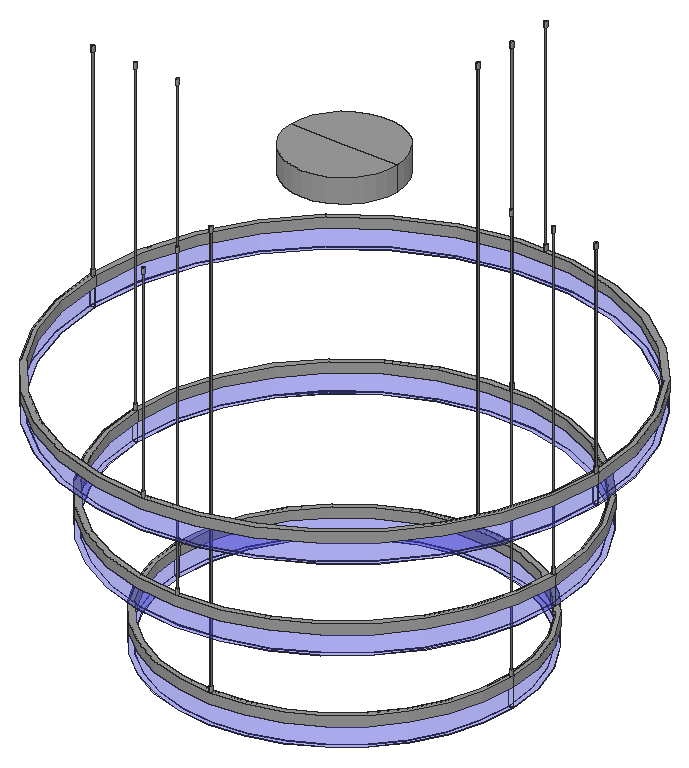
Revit family "Alcon-12272-3-32-40-48-Revit-Family", category Generic Models, host Ceiling, Revit 2025
Family settings
  Host = Ceiling
  Can host rebar = No
  Round Connector Dimension = Use Diameter
  Part Type = Normal
  Always vertical = Yes
  Cut with Voids When Loaded = No
  Maintain Annotation Orientation = No
  Shared = No
  Room Calculation Point = No
Parameters
  URL = "https://www.alconlighting.com/?srsltid=AfmBOooDPhGQ0dEP-X2PMtxFfvvWpIAEL4jCll_O2F4_to5onvhnBomy"
  Product Page = "https://www.alconlighting.com/redondo-12272-2.html"
  Model = "12272-3"
  Manufacturer = "Alcon Lighting"
  Lens = Glass
  Housing = Default
  Default Elevation = 0' - 0"
Reference planes (in)
  plane 1 "Center (Front/Back)": y = 0
  plane 2 "Ceiling": z = 96
  plane 3 "Center (Left/Right)": x = 0
Forms (in)
  Revolve 1, solid, material "Default" <- "Housing"
    sketch origin (0, 0, 0) x (1, 0, 0) y (0, 0, 1)
      loop
        line (0, 96) -> (0, 93.75) -> (5, 93.75) -> (5, 96) -> (0, 96)
      axis (0, 96) -> (0, 93.75)
    angle from 0 to 360
  Revolve 2, solid, material "Default" <- "Housing"
    sketch origin (0, 0, 0) x (1, 0, 0) y (0, 0, 1)
      loop
        line (19.5, 66.65) -> (19.5, 65.72813) -> (19.5625, 65.72813) -> (19.5625, 66.5875) -> (19.9375, 66.5875) -> (19.9375, 65.72813) -> (20, 65.72813) -> (20, 66.65) -> (19.5, 66.65)
      axis (0, 65.72813) -> (0, 66.65)
    angle from 0 to 360
  Revolve 3, solid, material "Glass" <- "Lens"
    sketch origin (0, 0, 0) x (1, 0, 0) y (0, 0, 1)
      loop
        line (19.5, 63.89) -> (20, 63.89) -> (20, 65.72813) -> (19.96875, 65.72813) -> (19.96875, 63.92125) -> (19.53125, 63.92125) -> (19.53125, 65.72813) -> (19.5, 65.72813) -> (19.5, 63.89)
      axis (0, 63.89) -> (0, 65.72813)
    angle from 0 to 360
  Revolve 4, solid, material "Default" <- "Housing"
    sketch origin (0, -32.29728, 0) x (0, 1, 0) y (0, 0, 1)
      loop
        line (12.55011, 66.65) -> (12.67511, 66.65) -> (12.67511, 67.1208) -> (12.55011, 67.1208) -> (12.55011, 66.65)
      axis (12.55011, 67.1208) -> (12.55011, 66.65)
    angle from 0 to 360
  Extrusion 5, solid, material "Default" <- "Housing"
    sketch origin (0, -19.74728, 92.90344) x (0, 1, 0) y (1, 0, 0)
      loop
        circle (0, 0) r 0.04922
    from -2.62576 to 25.78265
  Revolve 6, solid, material "Default" <- "Housing"
    sketch origin (0, -32.29728, 28.8792) x (0, 1, 0) y (0, 0, 1)
      loop
        line (12.55011, 66.65) -> (12.67511, 66.65) -> (12.67511, 67.1208) -> (12.55011, 67.1208) -> (12.55011, 66.65)
      axis (12.55011, 67.1208) -> (12.55011, 66.65)
    angle from 0 to 360
  Revolve 7, solid, material "Default" <- "Housing"
    sketch origin (0, 7.19587, 0) x (0, 1, 0) y (0, 0, 1)
      loop
        line (12.55011, 66.65) -> (12.67511, 66.65) -> (12.67511, 67.1208) -> (12.55011, 67.1208) -> (12.55011, 66.65)
      axis (12.55011, 67.1208) -> (12.55011, 66.65)
    angle from 0 to 360
  Extrusion 8, solid, material "Default" <- "Housing"
    sketch origin (0, 19.74587, 92.90344) x (0, 1, 0) y (1, 0, 0)
      loop
        circle (0, 0) r 0.04922
    from -2.62576 to 25.78265
  Revolve 9, solid, material "Default" <- "Housing"
    sketch origin (0, 7.19587, 28.8792) x (0, 1, 0) y (0, 0, 1)
      loop
        line (12.55011, 66.65) -> (12.67511, 66.65) -> (12.67511, 67.1208) -> (12.55011, 67.1208) -> (12.55011, 66.65)
      axis (12.55011, 67.1208) -> (12.55011, 66.65)
    angle from 0 to 360
  Revolve 10, solid, material "Default" <- "Housing"
    sketch origin (19.73156, -12.55011, 0) x (0, 1, 0) y (0, 0, 1)
      loop
        line (12.55011, 66.65) -> (12.67511, 66.65) -> (12.67511, 67.1208) -> (12.55011, 67.1208) -> (12.55011, 66.65)
      axis (12.55011, 67.1208) -> (12.55011, 66.65)
    angle from 0 to 360
  Extrusion 11, solid, material "Default" <- "Housing"
    sketch origin (19.73156, -0.00011, 92.90344) x (0, 1, 0) y (1, 0, 0)
      loop
        circle (0, 0) r 0.04922
    from -2.62576 to 25.78265
  Revolve 12, solid, material "Default" <- "Housing"
    sketch origin (19.73156, -12.55011, 28.8792) x (0, 1, 0) y (0, 0, 1)
      loop
        line (12.55011, 66.65) -> (12.67511, 66.65) -> (12.67511, 67.1208) -> (12.55011, 67.1208) -> (12.55011, 66.65)
      axis (12.55011, 67.1208) -> (12.55011, 66.65)
    angle from 0 to 360
  Revolve 13, solid, material "Default" <- "Housing"
    sketch origin (-19.7654, -12.55011, 0) x (0, 1, 0) y (0, 0, 1)
      loop
        line (12.55011, 66.65) -> (12.67511, 66.65) -> (12.67511, 67.1208) -> (12.55011, 67.1208) -> (12.55011, 66.65)
      axis (12.55011, 67.1208) -> (12.55011, 66.65)
    angle from 0 to 360
  Extrusion 14, solid, material "Default" <- "Housing"
    sketch origin (-19.7654, -0.00011, 92.90344) x (0, 1, 0) y (1, 0, 0)
      loop
        circle (0, 0) r 0.04922
    from -2.62576 to 25.78265
  Revolve 15, solid, material "Default" <- "Housing"
    sketch origin (-19.7654, -12.55011, 28.8792) x (0, 1, 0) y (0, 0, 1)
      loop
        line (12.55011, 66.65) -> (12.67511, 66.65) -> (12.67511, 67.1208) -> (12.55011, 67.1208) -> (12.55011, 66.65)
      axis (12.55011, 67.1208) -> (12.55011, 66.65)
    angle from 0 to 360
  Revolve 16, solid, material "Default" <- "Housing"
    sketch origin (0, 0, 10) x (1, 0, 0) y (0, 0, 1)
      loop
        line (23.5, 66.65) -> (23.5, 65.72813) -> (23.5625, 65.72813) -> (23.5625, 66.5875) -> (23.9375, 66.5875) -> (23.9375, 65.72813) -> (24, 65.72813) -> (24, 66.65) -> (23.5, 66.65)
      axis (0, 65.72813) -> (0, 66.65)
    angle from 0 to 360
  Revolve 17, solid, material "Glass" <- "Lens"
    sketch origin (0, 0, 10) x (1, 0, 0) y (0, 0, 1)
      loop
        line (23.5, 63.89) -> (24, 63.89) -> (24, 65.72813) -> (23.96875, 65.72813) -> (23.96875, 63.92125) -> (23.53125, 63.92125) -> (23.53125, 65.72813) -> (23.5, 65.72813) -> (23.5, 63.89)
      axis (0, 63.89) -> (0, 65.72813)
    angle from 0 to 360
  Revolve 18, solid, material "Default" <- "Housing"
    sketch origin (-23.7654, -12.55011, 10) x (0, 1, 0) y (0, 0, 1)
      loop
        line (12.55011, 66.65) -> (12.67511, 66.65) -> (12.67511, 67.1208) -> (12.55011, 67.1208) -> (12.55011, 66.65)
      axis (12.55011, 67.1208) -> (12.55011, 66.65)
    angle from 0 to 360
  Extrusion 19, solid, material "Default" <- "Housing"
    sketch origin (-23.7654, -0.00011, 102.90344) x (0, 1, 0) y (1, 0, 0)
      loop
        circle (0, 0) r 0.04922
    from 7.37424 to 25.78265
  Revolve 20, solid, material "Default" <- "Housing"
    sketch origin (-23.7654, -12.55011, 28.8792) x (0, 1, 0) y (0, 0, 1)
      loop
        line (12.55011, 66.65) -> (12.67511, 66.65) -> (12.67511, 67.1208) -> (12.55011, 67.1208) -> (12.55011, 66.65)
      axis (12.55011, 67.1208) -> (12.55011, 66.65)
    angle from 0 to 360
  Revolve 21, solid, material "Default" <- "Housing"
    sketch origin (-19.7654, -12.55011, 0) x (0, 1, 0) y (0, 0, 1)
      loop
        line (12.55011, 66.65) -> (12.67511, 66.65) -> (12.67511, 67.1208) -> (12.55011, 67.1208) -> (12.55011, 66.65)
      axis (12.55011, 67.1208) -> (12.55011, 66.65)
    angle from 0 to 360
  Extrusion 22, solid, material "Default" <- "Housing"
    sketch origin (-19.7654, -0.00011, 92.90344) x (0, 1, 0) y (1, 0, 0)
      loop
        circle (0, 0) r 0.04922
    from -2.62576 to 25.78265
  Revolve 23, solid, material "Default" <- "Housing"
    sketch origin (-19.7654, -12.55011, 28.8792) x (0, 1, 0) y (0, 0, 1)
      loop
        line (12.55011, 66.65) -> (12.67511, 66.65) -> (12.67511, 67.1208) -> (12.55011, 67.1208) -> (12.55011, 66.65)
      axis (12.55011, 67.1208) -> (12.55011, 66.65)
    angle from 0 to 360
  Revolve 24, solid, material "Default" <- "Housing"
    sketch origin (23.7346, -12.55011, 10) x (0, 1, 0) y (0, 0, 1)
      loop
        line (12.55011, 66.65) -> (12.67511, 66.65) -> (12.67511, 67.1208) -> (12.55011, 67.1208) -> (12.55011, 66.65)
      axis (12.55011, 67.1208) -> (12.55011, 66.65)
    angle from 0 to 360
  Extrusion 25, solid, material "Default" <- "Housing"
    sketch origin (23.7346, -0.00011, 102.90344) x (0, 1, 0) y (1, 0, 0)
      loop
        circle (0, 0) r 0.04922
    from 7.37424 to 25.78265
  Revolve 26, solid, material "Default" <- "Housing"
    sketch origin (23.7346, -12.55011, 28.8792) x (0, 1, 0) y (0, 0, 1)
      loop
        line (12.55011, 66.65) -> (12.67511, 66.65) -> (12.67511, 67.1208) -> (12.55011, 67.1208) -> (12.55011, 66.65)
      axis (12.55011, 67.1208) -> (12.55011, 66.65)
    angle from 0 to 360
  Revolve 27, solid, material "Default" <- "Housing"
    sketch origin (0, 11.19989, 10) x (0, 1, 0) y (0, 0, 1)
      loop
        line (12.55011, 66.65) -> (12.67511, 66.65) -> (12.67511, 67.1208) -> (12.55011, 67.1208) -> (12.55011, 66.65)
      axis (12.55011, 67.1208) -> (12.55011, 66.65)
    angle from 0 to 360
  Extrusion 28, solid, material "Default" <- "Housing"
    sketch origin (0, 23.74989, 102.90344) x (0, 1, 0) y (1, 0, 0)
      loop
        circle (0, 0) r 0.04922
    from 7.37424 to 25.78265
  Revolve 29, solid, material "Default" <- "Housing"
    sketch origin (0, 11.19989, 28.8792) x (0, 1, 0) y (0, 0, 1)
      loop
        line (12.55011, 66.65) -> (12.67511, 66.65) -> (12.67511, 67.1208) -> (12.55011, 67.1208) -> (12.55011, 66.65)
      axis (12.55011, 67.1208) -> (12.55011, 66.65)
    angle from 0 to 360
  Revolve 30, solid, material "Default" <- "Housing"
    sketch origin (0, -36.30011, 10) x (0, 1, 0) y (0, 0, 1)
      loop
        line (12.55011, 66.65) -> (12.67511, 66.65) -> (12.67511, 67.1208) -> (12.55011, 67.1208) -> (12.55011, 66.65)
      axis (12.55011, 67.1208) -> (12.55011, 66.65)
    angle from 0 to 360
  Extrusion 31, solid, material "Default" <- "Housing"
    sketch origin (0, -23.75011, 102.90344) x (0, 1, 0) y (1, 0, 0)
      loop
        circle (0, 0) r 0.04922
    from 7.37424 to 25.78265
  Revolve 32, solid, material "Default" <- "Housing"
    sketch origin (0, -36.30011, 28.8792) x (0, 1, 0) y (0, 0, 1)
      loop
        line (12.55011, 66.65) -> (12.67511, 66.65) -> (12.67511, 67.1208) -> (12.55011, 67.1208) -> (12.55011, 66.65)
      axis (12.55011, 67.1208) -> (12.55011, 66.65)
    angle from 0 to 360
  Revolve 33, solid, material "Default" <- "Housing"
    sketch origin (0, 0, -10) x (1, 0, 0) y (0, 0, 1)
      loop
        line (15.5, 66.65) -> (15.5, 65.72813) -> (15.5625, 65.72813) -> (15.5625, 66.5875) -> (15.9375, 66.5875) -> (15.9375, 65.72813) -> (16, 65.72813) -> (16, 66.65) -> (15.5, 66.65)
      axis (0, 65.72813) -> (0, 66.65)
    angle from 0 to 360
  Revolve 34, solid, material "Glass" <- "Lens"
    sketch origin (0, 0, -10) x (1, 0, 0) y (0, 0, 1)
      loop
        line (15.5, 63.89) -> (16, 63.89) -> (16, 65.72813) -> (15.96875, 65.72813) -> (15.96875, 63.92125) -> (15.53125, 63.92125) -> (15.53125, 65.72813) -> (15.5, 65.72813) -> (15.5, 63.89)
      axis (0, 63.89) -> (0, 65.72813)
    angle from 0 to 360
  Revolve 35, solid, material "Default" <- "Housing"
    sketch origin (15.73156, -12.55011, -10) x (0, 1, 0) y (0, 0, 1)
      loop
        line (12.55011, 66.65) -> (12.67511, 66.65) -> (12.67511, 67.1208) -> (12.55011, 67.1208) -> (12.55011, 66.65)
      axis (12.55011, 67.1208) -> (12.55011, 66.65)
    angle from 0 to 360
  Extrusion 36, solid, material "Default" <- "Housing"
    sketch origin (15.73156, -0.00011, 92.90344) x (0, 1, 0) y (1, 0, 0)
      loop
        circle (0, 0) r 0.04922
    from -2.62576 to 35.78265
  Revolve 37, solid, material "Default" <- "Housing"
    sketch origin (15.73156, -12.55011, 28.8792) x (0, 1, 0) y (0, 0, 1)
      loop
        line (12.55011, 66.65) -> (12.67511, 66.65) -> (12.67511, 67.1208) -> (12.55011, 67.1208) -> (12.55011, 66.65)
      axis (12.55011, 67.1208) -> (12.55011, 66.65)
    angle from 0 to 360
  Revolve 38, solid, material "Default" <- "Housing"
    sketch origin (-15.76844, -12.55011, -10) x (0, 1, 0) y (0, 0, 1)
      loop
        line (12.55011, 66.65) -> (12.67511, 66.65) -> (12.67511, 67.1208) -> (12.55011, 67.1208) -> (12.55011, 66.65)
      axis (12.55011, 67.1208) -> (12.55011, 66.65)
    angle from 0 to 360
  Extrusion 39, solid, material "Default" <- "Housing"
    sketch origin (-15.76844, -0.00011, 92.90344) x (0, 1, 0) y (1, 0, 0)
      loop
        circle (0, 0) r 0.04922
    from -2.62576 to 35.78265
  Revolve 40, solid, material "Default" <- "Housing"
    sketch origin (-15.76844, -12.55011, 28.8792) x (0, 1, 0) y (0, 0, 1)
      loop
        line (12.55011, 66.65) -> (12.67511, 66.65) -> (12.67511, 67.1208) -> (12.55011, 67.1208) -> (12.55011, 66.65)
      axis (12.55011, 67.1208) -> (12.55011, 66.65)
    angle from 0 to 360
  Revolve 41, solid, material "Default" <- "Housing"
    sketch origin (0, 3.19989, -10) x (0, 1, 0) y (0, 0, 1)
      loop
        line (12.55011, 66.65) -> (12.67511, 66.65) -> (12.67511, 67.1208) -> (12.55011, 67.1208) -> (12.55011, 66.65)
      axis (12.55011, 67.1208) -> (12.55011, 66.65)
    angle from 0 to 360
  Extrusion 42, solid, material "Default" <- "Housing"
    sketch origin (0, 15.74989, 92.90344) x (0, 1, 0) y (1, 0, 0)
      loop
        circle (0, 0) r 0.04922
    from -2.62576 to 35.78265
  Revolve 43, solid, material "Default" <- "Housing"
    sketch origin (0, 3.19989, 28.8792) x (0, 1, 0) y (0, 0, 1)
      loop
        line (12.55011, 66.65) -> (12.67511, 66.65) -> (12.67511, 67.1208) -> (12.55011, 67.1208) -> (12.55011, 66.65)
      axis (12.55011, 67.1208) -> (12.55011, 66.65)
    angle from 0 to 360
  Revolve 44, solid, material "Default" <- "Housing"
    sketch origin (0, -28.30011, -10) x (0, 1, 0) y (0, 0, 1)
      loop
        line (12.55011, 66.65) -> (12.67511, 66.65) -> (12.67511, 67.1208) -> (12.55011, 67.1208) -> (12.55011, 66.65)
      axis (12.55011, 67.1208) -> (12.55011, 66.65)
    angle from 0 to 360
  Extrusion 45, solid, material "Default" <- "Housing"
    sketch origin (0, -15.75011, 92.90344) x (0, 1, 0) y (1, 0, 0)
      loop
        circle (0, 0) r 0.04922
    from -2.62576 to 35.78265
  Revolve 46, solid, material "Default" <- "Housing"
    sketch origin (0, -28.30011, 28.8792) x (0, 1, 0) y (0, 0, 1)
      loop
        line (12.55011, 66.65) -> (12.67511, 66.65) -> (12.67511, 67.1208) -> (12.55011, 67.1208) -> (12.55011, 66.65)
      axis (12.55011, 67.1208) -> (12.55011, 66.65)
    angle from 0 to 360
Dimensions and locks (in)
  equal spacing: host sketch curve, plane 3 "Center (Left/Right)", host sketch curve
  equal spacing: host sketch curve, plane 1 "Center (Front/Back)", host sketch curve
  host sketch curve to host sketch curve = 10' - 0"  (x2)
  aligned and locked: Extrusion 5 to Revolve 4
  aligned and locked: Revolve 6 to Extrusion 5
  aligned and locked: Extrusion 8 to Revolve 7
  aligned and locked: Revolve 9 to Extrusion 8
  aligned and locked: Extrusion 11 to Revolve 10
  aligned and locked: Revolve 12 to Extrusion 11
  aligned and locked: Extrusion 14 to Revolve 13
  aligned and locked: Extrusion 19 to Revolve 18
  aligned and locked: Revolve 20 to Extrusion 19
  aligned and locked: Extrusion 22 to Revolve 21
  aligned and locked: Extrusion 25 to Revolve 24
  aligned and locked: Revolve 26 to Extrusion 25
  aligned and locked: Extrusion 28 to Revolve 27
  aligned and locked: Revolve 29 to Extrusion 28
  aligned and locked: Extrusion 31 to Revolve 30
  aligned and locked: Revolve 32 to Extrusion 31
  aligned and locked: Extrusion 36 to Revolve 35
  aligned and locked: Revolve 37 to Extrusion 36
  aligned and locked: Extrusion 39 to Revolve 38
  aligned and locked: Revolve 40 to Extrusion 39
  aligned and locked: Extrusion 42 to Revolve 41
  aligned and locked: Revolve 43 to Extrusion 42
  aligned and locked: Extrusion 45 to Revolve 44
  aligned and locked: Revolve 46 to Extrusion 45
